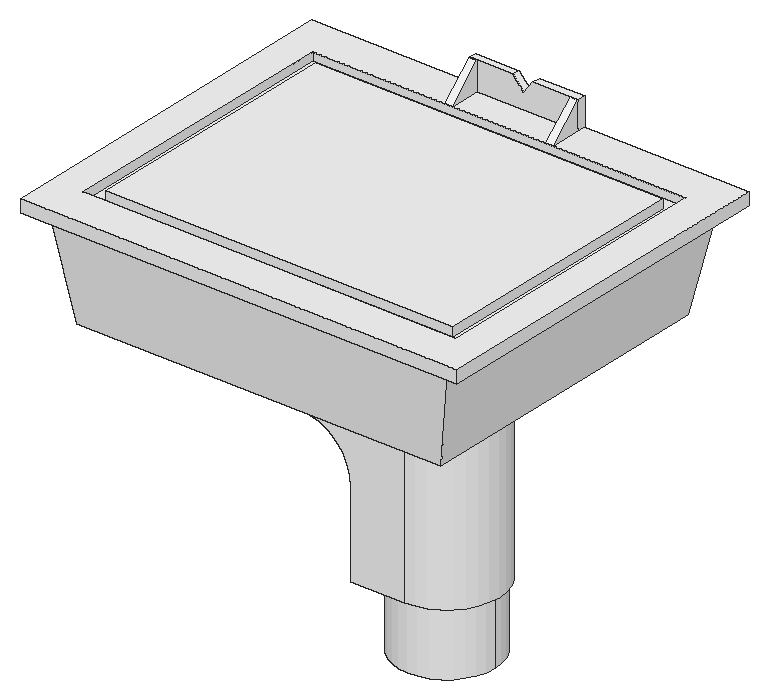
Revit family "Plumbing Fixture-Wall and Ground_Hydrant_Mifab_MHY-35", category Plumbing Fixtures, host Face, Revit 2013
Parameters
  WFU = 0
  Overall Length = 4.750"
  URL = "www.mifab.com"
  Model = "MHY-35"
  Manufacturer = "MIFAB"
  Hydrant Material = Chrome Plated
  Description = "Encased Moderate Climate  Wall Hydrant"
  Default Elevation = 0.000"
Reference planes (in)
  plane 1 "Center (Front/Back)": y = 0
  plane 2: z = 0
  plane 3 "Center (Left/Right)": x = 0
  plane 4: z = -0.2
  plane 5: z = -1.95
  plane 6: z = -4.95
Forms (in)
  Extrusion 1, solid, material "Chrome Plated" <- "Hydrant Material"
    sketch origin (-0.41379, 0, -18.00514) x (1, 0, 0) y (0, 1, 0)
      loop
        line (-1.62512, 0.95206) -> (-1.62512, -0.95974) -> (2.64683, -0.95974) -> (2.64683, 0.95206) -> (-1.62512, 0.95206)
    from 16.05514 to 16.30514
  Extrusion 2, solid, material "Chrome Plated" <- "Hydrant Material"
    sketch origin (-0.41379, 0, -18.00514) x (1, 0, 0) y (0, 1, 0)
      loop
        arc (1.38, -0.8125) -> (2.1925, 0) -> (1.38, 0.8125) r 0.8125
        line (1.38, 0.8125) -> (1.38, -0.8125)
    from 13.05514 to 16.05514
  Extrusion 3, solid, material "Chrome Plated" <- "Hydrant Material"
    sketch origin (-0.41379, 0, -18.00514) x (1, 0, 0) y (0, 0, 1)
      loop
        line (-1.398, 16.30514) -> (-1.398, 15.83003) -> (-1.055, 15.78703) -> (-1.055, 15.1529) -> (-0.24047, 15.1529)
        arc (-0.24047, 15.1529) -> (0.31997, 14.92075) -> (0.55211, 14.36031) r 0.79258
        line (0.55211, 14.36031) -> (0.55211, 13.05514) -> (1.38, 13.05514) -> (1.38, 16.30514) -> (-1.398, 16.30514)
    from -0.8125 to 0.8125
  Extrusion 4, solid
    sketch origin (-0.41379, 0, -18.00514) x (1, 0, 0) y (0, 1, 0)
      loop
        circle (-0.38412, 0) r 0.739
    from 16.30514 to 16.37894
  Extrusion 5, solid
    sketch origin (-0.41379, 0, -18.00514) x (1, 0, 0) y (0, 1, 0)
      loop
        circle (-0.38412, 0) r 0.70723
    from 16.37894 to 16.74065
  Extrusion 6, solid
    sketch origin (-0.41379, 0, -18.00514) x (1, 0, 0) y (0, 1, 0)
      loop
        circle (-0.38412, 0) r 0.444
    from 16.74065 to 17.43692
  Extrusion 7, solid
    sketch origin (-0.41379, 0, -18.00514) x (1, 0, 0) y (0, 1, 0)
      loop
        line (0.7505, 0) -> (1.06525, -0.54516) -> (1.69475, -0.54516) -> (2.0095, 0) -> (1.69475, 0.54516) -> (1.06525, 0.54516) -> (0.7505, 0)
    from 16.30514 to 16.74065
  Extrusion 8, solid, material "Chrome Plated" <- "Hydrant Material"
    sketch origin (-0.61086, 0, -10.36788) x (1, 0, 0) y (0, 1, 0)
      loop
        line (-2.46414, 2.60866) -> (-2.46414, -2.60866) -> (3.68586, -2.60866) -> (3.68586, 2.60866) -> (-2.46414, 2.60866)
    from 10.16788 to 8.66788
  Extrusion 9, solid, material "Chrome Plated" <- "Hydrant Material"
    sketch origin (-0.41379, 0, -10.36788) x (1, 0, 0) y (0, 1, 0)
      loop
        line (3.78879, 2.813) -> (-2.96121, 2.813) -> (-2.96121, -2.813) -> (3.78879, -2.813) -> (3.78879, 2.813)
    from 10.16788 to 10.36788
  Extrusion 10, void
    sketch origin (-0.41379, 0, -10.36788) x (1, 0, 0) y (0, 0, 1)
      loop
        line (3.48879, 10.16788) -> (3.2243, 8.66788) -> (3.48879, 8.66788) -> (3.48879, 10.16788)
      loop
        line (-2.66121, 10.16788) -> (-2.66121, 8.66788) -> (-2.39672, 8.66788) -> (-2.66121, 10.16788)
    from -2.60866 to 2.60866
  Extrusion 11, void
    sketch origin (-0.41379, 0, -10.36788) x (0, 1, 0) y (0, 0, 1)
      loop
        line (2.60866, 10.16788) -> (2.34417, 8.66788) -> (2.60866, 8.66788) -> (2.60866, 10.16788)
      loop
        line (-2.60866, 10.16788) -> (-2.60866, 7.98238) -> (-2.34417, 7.98238) -> (-2.60866, 10.16788)
    from -2.66121 to 3.48879
  Extrusion 12, solid, material "Chrome Plated" <- "Hydrant Material"
    sketch origin (-8.22916, -180, -8.31801) x (-1, 0, 0) y (0, -1, 0)
      loop
        circle (-9.19537, -180) r 0.75
    from 2.36801 to 3.36801
  Extrusion 13, solid, material "Chrome Plated" <- "Hydrant Material"
    sketch origin (-1.13208, 0.04295, -2.50134) x (1, 0, 0) y (0, 0, 1)
      loop
        line (0.2968, 2.50134) -> (1.9762, 2.50134) -> (1.9762, 2.93384) -> (1.28098, 2.93384) -> (1.13208, 2.73242) -> (0.96898, 2.93384) -> (0.2968, 2.93384) -> (0.2968, 2.50134)
    from -2.7657 to -2.6454
  Extrusion 14, solid, material "Chrome Plated" <- "Hydrant Material"
    sketch origin (-1.13208, 0.04295, -2.50134) x (0, 1, 0) y (0, 0, 1)
      loop
        line (2.6454, 2.93384) -> (2.17714, 2.50134) -> (2.6454, 2.50134) -> (2.6454, 2.93384)
    from 0.2968 to 0.4165
  Extrusion 15, solid, material "Chrome Plated" <- "Hydrant Material"
    sketch origin (1.13208, 0.04295, -2.50134) x (0, 1, 0) y (0, 0, -1)
      loop
        line (2.6454, -2.93384) -> (2.6454, -2.50134) -> (2.17714, -2.50134) -> (2.6454, -2.93384)
    from 0.28797 to 0.40767
  Extrusion 16, void
    sketch origin (0, 0, 0) x (1, 0, 0) y (0, 1, 0)
      loop
        line (-2.88203, 2.22009) -> (-2.88203, -2.22009) -> (2.88203, -2.22009) -> (2.88203, 2.22009) -> (-2.88203, 2.22009)
      loop
        line (-2.68203, 2.02009) -> (-2.68203, -2.02009) -> (2.68203, -2.02009) -> (2.68203, 2.02009) -> (-2.68203, 2.02009)
    from 0 to -0.13364
Cuts and joins
  Extrusion 16 cuts Extrusion 1
  Extrusion 16 cuts Extrusion 2
  Extrusion 16 cuts Extrusion 3
  Extrusion 10, Extrusion 11, Extrusion 16 cuts Extrusion 8
  Extrusion 16 cuts Extrusion 9
  Extrusion 16 cuts Extrusion 12
  joined: Extrusion 1, Extrusion 2, Extrusion 3, Extrusion 8, Extrusion 9, Extrusion 12
Lines and regions (in)
  symbolic lines, style "PlumbingFixtures"
    curve 1: line (-3.38528, 2.8125, 0) -> (3.36472, 2.8125, 0)
    curve 2: line (-3.38528, -2.8125, 0) -> (-3.38528, 2.8125, 0)
    curve 3: line (3.36472, -2.8125, 0) -> (-3.38528, -2.8125, 0)
    curve 4: line (3.36472, 2.8125, 0) -> (3.36472, -2.8125, 0)
Dimensions and locks (in)
  locked: Extrusion 9 to Extrusion 9 at 0.2
  plane 5 to plane 6 = 3.000"
  "Overall Length": plane 4 to plane 6
  curve 2 to curve 4 = 6.750"  (x2)
  curve 4 to curve 2 = 6.750"
  Extrusion 2 to plane 3 "Center (Left/Right)" = 0.96621"
  plane 4 to cut or joined group 1 (Extrusion 1, Extrusion 2, Extrusion 3, Extrusion 8, Extrusion 9, Extrusion 10, Extrusion 11, Extrusion 12, Extrusion 16) = 1.500"
  cut or joined group 1 to Extrusion 12 = 1.000"
  aligned and locked: plane 2 to host face
  aligned and locked: level to host face
  aligned and locked: Extrusion 1 to Extrusion 8
  aligned and locked: Extrusion 9 to Extrusion 8
  aligned and locked: Extrusion 10 to Extrusion 8
  aligned and locked: Extrusion 11 to Extrusion 8
  aligned and locked: Extrusion 3 to Extrusion 2
  aligned and locked: Extrusion 2 to Extrusion 1
  aligned and locked: Extrusion 9 to plane 4
  aligned and locked: Extrusion 1 to Extrusion 4
  aligned and locked: Extrusion 7 to Extrusion 1
  aligned and locked: Extrusion 4 to Extrusion 7
  aligned and locked: Extrusion 5 to Extrusion 4
  aligned and locked: Extrusion 5 to Extrusion 6
  aligned and locked: Extrusion 6 to Extrusion 7
  aligned and locked: Extrusion 7 to Extrusion 5
  aligned and locked: plane 4 to Extrusion 9
  aligned and locked: level to Extrusion 9
  aligned and locked: host face to Extrusion 9
  aligned and locked: host face to cut or joined group 1
  aligned and locked: Extrusion 3 to plane 6
  aligned and locked: Extrusion 1 to Extrusion 3
  aligned and locked: host face to plane 5
  aligned and locked: Extrusion 12 to cut or joined group 1
Automatic sketch dimensions
  curve 1 to plane 3 "Center (Left/Right)" = 3.38528"
  plane 1 "Center (Front/Back)" to curve 4 = 2.8125"
  curve 1 to plane 1 "Center (Front/Back)" = 2.8125"
  host sketch curve to host sketch curve = 20.58785"
  host sketch curve to host sketch curve = 16.42037"
  Extrusion 1 sketch curve to plane 1 "Center (Front/Back)" = 0.95206"
  Extrusion 1 sketch curve to plane 3 "Center (Left/Right)" = 2.03891"
  plane 1 "Center (Front/Back)" to Extrusion 1 sketch curve = 0.95974"
  plane 3 "Center (Left/Right)" to Extrusion 1 sketch curve = 2.23304"
  plane 3 "Center (Left/Right)" to Extrusion 2 sketch curve = 0.96621"
  plane 1 "Center (Front/Back)" to Extrusion 2 sketch curve = 0.8125"
  plane 1 "Center (Front/Back)" to Extrusion 2 sketch curve = 0.000"
  Extrusion 3 sketch curve to plane 6 = 0.000"
  plane 5 to Extrusion 3 sketch curve = 0.250"
  Extrusion 3 sketch curve to plane 3 "Center (Left/Right)" = 1.81179"
  plane 3 "Center (Left/Right)" to Extrusion 3 sketch curve = 0.13832"
  plane 6 to Extrusion 3 sketch curve = 1.30517"
  Extrusion 3 sketch curve to Extrusion 3 sketch curve = 0.343"
  Extrusion 3 sketch curve to plane 3 "Center (Left/Right)" = 0.65426"
  plane 3 "Center (Left/Right)" to Extrusion 3 sketch curve = 0.96621"
  Extrusion 3 sketch curve to plane 5 = 0.26811"
  Extrusion 3 sketch curve to plane 5 = 0.22511"
  plane 1 "Center (Front/Back)" to Extrusion 4 sketch curve = 0.000"
  Extrusion 4 sketch curve to plane 3 "Center (Left/Right)" = 0.79791"
  plane 1 "Center (Front/Back)" to Extrusion 5 sketch curve = 0.000"
  Extrusion 5 sketch curve to plane 3 "Center (Left/Right)" = 0.79791"
  plane 1 "Center (Front/Back)" to Extrusion 6 sketch curve = 0.000"
  Extrusion 6 sketch curve to plane 3 "Center (Left/Right)" = 0.79791"
  plane 1 "Center (Front/Back)" to Extrusion 7 sketch curve = 0.000"  (x2)
  plane 3 "Center (Left/Right)" to Extrusion 7 sketch curve = 0.33671"
  plane 1 "Center (Front/Back)" to Extrusion 7 sketch curve = 0.54516"
  Extrusion 7 sketch curve to Extrusion 7 sketch curve = 0.31475"  (x3)
  Extrusion 7 sketch curve to plane 1 "Center (Front/Back)" = 0.54516"
  Extrusion 7 sketch curve to Extrusion 7 sketch curve = 0.6295"  (x2)
  Extrusion 8 sketch curve to plane 3 "Center (Left/Right)" = 3.075"
  plane 1 "Center (Front/Back)" to Extrusion 8 sketch curve = 2.60866"
  plane 3 "Center (Left/Right)" to Extrusion 8 sketch curve = 3.075"
  Extrusion 8 sketch curve to plane 1 "Center (Front/Back)" = 2.60866"
  Extrusion 9 sketch curve to plane 3 "Center (Left/Right)" = 3.375"
  plane 1 "Center (Front/Back)" to Extrusion 9 sketch curve = 2.813"
  plane 3 "Center (Left/Right)" to Extrusion 9 sketch curve = 3.375"
  Extrusion 9 sketch curve to plane 1 "Center (Front/Back)" = 2.813"
  Extrusion 10 sketch curve to plane 4 = 0.000"  (x2)
  Extrusion 10 sketch curve to plane 3 "Center (Left/Right)" = 3.075"
  plane 5 to Extrusion 10 sketch curve = 0.250"  (x2)
  Extrusion 10 sketch curve to Extrusion 10 sketch curve = 0.26449"  (x2)
  plane 3 "Center (Left/Right)" to Extrusion 10 sketch curve = 2.81051"
  Extrusion 11 sketch curve to plane 4 = 0.000"  (x2)
  plane 1 "Center (Front/Back)" to Extrusion 11 sketch curve = 2.60866"
  Extrusion 11 sketch curve to plane 5 = 0.43551"
  Extrusion 11 sketch curve to Extrusion 11 sketch curve = 0.26449"  (x2)
  plane 5 to Extrusion 11 sketch curve = 0.250"
  Extrusion 11 sketch curve to plane 1 "Center (Front/Back)" = 2.34417"
  plane 1 "Center (Front/Back)" to Extrusion 12 sketch curve = 0.000"
  plane 3 "Center (Left/Right)" to Extrusion 12 sketch curve = 0.96621"
  Extrusion 13 sketch curve to level = 0.000"
  Extrusion 13 sketch curve to plane 3 "Center (Left/Right)" = 0.000"
  level to Extrusion 13 sketch curve = 0.23109"
  Extrusion 13 sketch curve to plane 3 "Center (Left/Right)" = 0.1631"
  Extrusion 13 sketch curve to Extrusion 13 sketch curve = 0.67218"
  plane 3 "Center (Left/Right)" to Extrusion 13 sketch curve = 0.1489"
  Extrusion 13 sketch curve to Extrusion 13 sketch curve = 0.69522"
  Extrusion 13 sketch curve to Extrusion 13 sketch curve = 0.20141"  (x2)
  Extrusion 14 sketch curve to level = 0.000"
  Extrusion 14 sketch curve to plane 1 "Center (Front/Back)" = 2.22009"
  level to Extrusion 14 sketch curve = 0.4325"
  Extrusion 14 sketch curve to Extrusion 14 sketch curve = 0.46827"
  Extrusion 15 sketch curve to level = 0.000"
  Extrusion 15 sketch curve to plane 1 "Center (Front/Back)" = 2.22009"
  level to Extrusion 15 sketch curve = 0.4325"
  Extrusion 15 sketch curve to Extrusion 15 sketch curve = 0.46827"
  Extrusion 16 sketch curve to plane 3 "Center (Left/Right)" = 2.88203"
  plane 1 "Center (Front/Back)" to Extrusion 16 sketch curve = 2.22009"
  Extrusion 16 sketch curve to Extrusion 16 sketch curve = 0.200"  (x4)
  plane 3 "Center (Left/Right)" to Extrusion 16 sketch curve = 2.68203"
  Extrusion 16 sketch curve to plane 1 "Center (Front/Back)" = 2.02009"
  radius of Extrusion 4 sketch curve = 0.739"
  radius of Extrusion 5 sketch curve = 0.70723"
  radius of Extrusion 6 sketch curve = 0.444"
  radius of Extrusion 12 sketch curve = 0.750"
Connectors (in)
  piping at (0.96621, 0, -5.95)
    settings: on cut or joined group 1, index 1, connector radius 3/4", flow factor 0, pipe flow 0 GPM, pressure drop 0.00 psi, fitting loss kfactor 0, connector angle 0.00°, fixture units 0, engagement length 0.000", flow configuration 0, flow direction 0, fitting loss method 0, system type 7, joint type 0, gender type 0, connector reference index -1, connector utility 0, adjustable connector no, is connector primary yes, fitting loss table "", connector description "Inlet"
  piping at (-0.79791, 0, -0.56822)
    settings: on Extrusion 6, index 2, connector radius 3/8", flow factor 0, pipe flow 0 GPM, pressure drop 0.00 psi, fitting loss kfactor 0, connector angle 0.00°, fixture units 0, engagement length 0.000", flow configuration 0, flow direction 0, fitting loss method 0, system type 7, joint type 0, gender type 0, connector reference index -1, connector utility 0, adjustable connector no, is connector primary no, fitting loss table "", connector description "Male Hose"
